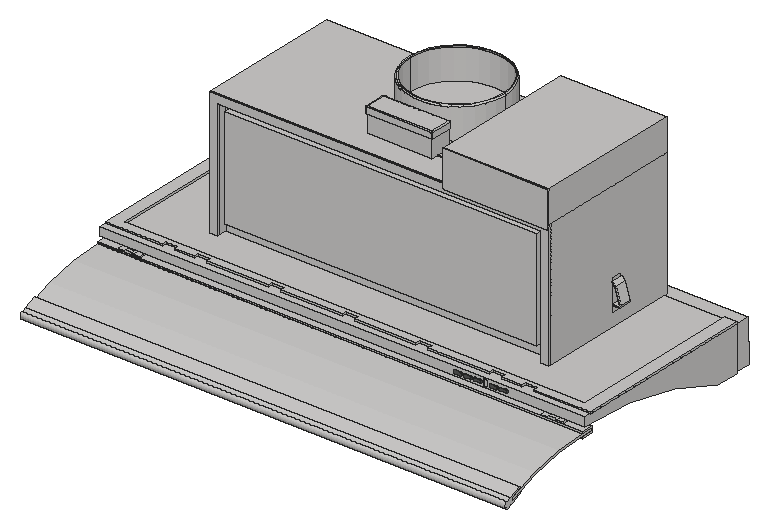
Revit family "P191568KX-100c_KXU2830Y", category Specialty Equipment, Revit 2026
Family settings
  Round Connector Dimension = Use Diameter
  Part Type = Normal
  Work Plane-Based = No
  Enable Cutting in Views = No
  Always vertical = Yes
  Cut with Voids When Loaded = No
  Maintain Annotation Orientation = No
  Shared = No
  Room Calculation Point = No
Parameters (values of type "KXU2830YSS")
  Width = 30"
  Voltage = 0 V
  URL = ""
  Model = "KXU2830YSS"
  Manufacturer = "Jenn Air"
  Knob Material = ARCAT - Metal - Steel - Black
  Installation-Fabrication = "http://access.whirlpool.com/mr/getMediaType.do?mediaType=Installation Instruction&sku=KXU2830YSS&language=EN\r\nhttp://access.whirlpool.com/mr/getMediaType.do?mediaType=Installation Instruction&sku=KXU2830YSS&language=FR"
  Height = 12 9/16"
  Feature 3 = "4-Speed Electronic Touch Control with LED Display\r\nCommande électronique à 4 vitesses avec affichage ACL"
  Feature 2 = "Flush to Cabinetry\r\nAffleurant au placard"
  Feature 1 = "65K BTU Threshold\r\nSeuil de 65 000 BTU"
  Family Name = "COOKING"
  Energy Guide = ""
  Drawn By = ""
  Dimension Guide = "http://access.whirlpool.com/mr/getMediaType.do?mediaType=Dimension Guide&sku=KXU2830YSS&language=EN\r\nhttp://access.whirlpool.com/mr/getMediaType.do?mediaType=Dimension Guide&sku=KXU2830YSS&language=EN"
  Description = "30'' Slide-Out 400 CFM\r\nHotte rétractable de 30 po, 400 pi cu/min"
  Depth = 18 7/8"
  Default Elevation = 0"
  Copyright = ""
  Body Material = ARCAT - Metal - Steel - Stainless
  Amps = 15 A
  Accent Material = ARCAT - Metal - Steel - Stainless
Reference planes (in)
  plane 1 "Center (Front/Back)": y = 0
  plane 2: z = 0
  plane 3 "Center (Left/Right)": x = 0
  plane 4: y = -18.875
  plane 5: z = 12.5625
  plane 6: x = 15
  plane 7: x = -15
  plane 8: through (0, -11.5983, 2.2232) normal (0, 0.2185, 0.9758)
Forms (in)
  Extrusion 1, solid, material "ARCAT - Metal - Steel - Stainless" <- "Body Material"
    sketch origin (15, 60, 48) x (0, 1, 0) y (0, 0, 1)
      loop
        line (-60.9375, -45.25) -> (-72.75, -45.25) -> (-72.75, -45.75)
        arc (-72.75, -45.75) -> (-67.47245, -46.31904) -> (-62.4375, -48) r 24.75781
        line (-62.4375, -48) -> (-60.9375, -48) -> (-60.9375, -45.25)
    from 0 to -30
  Extrusion 2, solid, material "ARCAT - Metal - Steel - Stainless" <- "Body Material"
    sketch origin (0, 0, 0) x (1, 0, 0) y (0, 0, 1)
      loop
        line (-14.94141, 2.69141) -> (-14.94141, 0.05859) -> (14.94141, 0.05859) -> (14.94141, 2.69141) -> (-14.94141, 2.69141)
    from 0 to 0.9375
  Extrusion 3, solid, material "ARCAT - Metal - Steel - Stainless" <- "Body Material"
    sketch origin (15, -0.9375, 2.75) x (0, -1, 0) y (1, 0, 0)
      loop
        line (0, 0) -> (0, -0.75) -> (10.8125, -0.75) -> (10.8125, -29.25) -> (0, -29.25) -> (0, -30) -> (11.3125, -30) -> (11.3125, -26.5) -> (11.0625, -26.5) -> (11.0625, -25.75) -> (11.3125, -25.75) -> (11.3125, -24.5) -> (11.0625, -24.5) -> (11.0625, -23.75) -> (11.3125, -23.75) -> (11.3125, -19.9375) -> (11.0625, -19.9375) -> (11.0625, -19.1875) -> (11.3125, -19.1875) -> (11.3125, -15.375) -> (11.0625, -15.375) -> (11.0625, -14.625) -> (11.3125, -14.625) -> (11.3125, -10.8125) -> (11.0625, -10.8125) -> (11.0625, -10.0625) -> (11.3125, -10.0625) -> (11.3125, -6.25) -> (11.0625, -6.25) -> (11.0625, -5.5) -> (11.3125, -5.5) -> (11.3125, -4.25) -> (11.0625, -4.25) -> (11.0625, -3.5) -> (11.3125, -3.5) -> (11.3125, 0) -> (0, 0)
    from 0 to 0.10156
  Extrusion 4, solid, material "ARCAT - Metal - Steel - Stainless" <- "Body Material"
    sketch origin (10.5, 60, 48) x (0, 1, 0) y (0, 0, 1)
      loop
        line (-60.9375, -45.25) -> (-60.9375, -45.30859) -> (-60.8625, -45.30859) -> (-60.8625, -45.25) -> (-60.7875, -45.25) -> (-60.7875, -37.4375) -> (-69.25, -37.4375) -> (-69.25, -45.25) -> (-60.9375, -45.25)
    from 0 to -21
  Extrusion 5, solid, material "ARCAT - Metal - Steel - Stainless" <- "Body Material"
    sketch origin (10.5, -9.25, 2.85156) x (0, 0, -1) y (1, 0, 0)
      loop
        line (0.10156, 0) -> (-7.71094, 0) -> (-7.71094, -21) -> (0.10156, -21) -> (0.10156, -20.5) -> (-7.21094, -20.5) -> (-7.21094, -0.5) -> (0.10156, -0.5) -> (0.10156, 0)
    from 0 to 0.5
  Extrusion 6, solid, material "ARCAT - Metal - Steel - Stainless" <- "Body Material"
    sketch origin (10.5, -9.75, 2.85156) x (0, 0, -1) y (1, 0, 0)
      loop
        line (0.10156, 0) -> (-7.71094, 0) -> (-7.71094, -21) -> (0.10156, -21) -> (0.10156, -20.5) -> (-7.21094, -20.5) -> (-7.21094, -0.5) -> (0.10156, -0.5) -> (0.10156, 0)
    from 0 to 0.10156
  Extrusion 7, solid, material "ARCAT - Metal - Steel - Stainless" <- "Body Material"
    sketch origin (10.5, -9.25, 2.85156) x (0, 0, -1) y (1, 0, 0)
      loop
        line (-6.86094, -20.15) -> (-0.64844, -20.15) -> (-0.64844, -0.85) -> (-6.86094, -0.85) -> (-6.86094, -20.15)
    from 0 to 0.5
  Extrusion 8, solid, material "ARCAT - Metal - Steel - Stainless" <- "Body Material"
    sketch origin (10.5, -9.25, 2.85156) x (0, 0, -1) y (1, 0, 0)
      loop
        line (-6.86094, -20.15) -> (-6.86094, -20.5) -> (-0.64844, -20.5) -> (-0.64844, -20.15) -> (-6.86094, -20.15)
    from 0 to 0.05078
  Extrusion 9, solid, material "ARCAT - Metal - Steel - Stainless" <- "Body Material"
    sketch origin (3.55469, -9.25, -10.4375) x (1, 0, 0) y (0, 0, 1)
      loop
        line (-13.20469, 20.15) -> (5.34531, 20.15) -> (5.34531, 20.5) -> (-13.20469, 20.5) -> (-13.20469, 20.15)
    from 0 to 0.05078
  Extrusion 10, solid, material "ARCAT - Metal - Steel - Stainless" <- "Body Material"
    sketch origin (-10.5, -9.25, 2.85156) x (0, 0, -1) y (1, 0, 0)
      loop
        line (-6.86094, 20.15) -> (-0.64844, 20.15) -> (-0.64844, 20.5) -> (-6.86094, 20.5) -> (-6.86094, 20.15)
    from 0 to 0.05078
  Extrusion 11, solid, material "ARCAT - Metal - Steel - Stainless" <- "Body Material"
    sketch origin (10.5, -12.50316, 10.5625) x (0, 1, 0) y (-1, 0, 0)
      loop
        line (11.71566, 0) -> (11.71566, 6.5) -> (2.6516, 6.5) -> (2.6516, 0) -> (11.71566, 0)
    from 0 to 2
  Extrusion 12, solid, material "ARCAT - Metal - Steel - Stainless" <- "Body Material"
    sketch origin (10.5, -9.85156, 2.85156) x (0, 0, -1) y (1, 0, 0)
      loop
        line (-9.71094, -6.5) -> (-7.56094, -6.5)
        arc (-7.56094, -6.5) -> (-7.49023, -6.47071) -> (-7.46094, -6.4) r 0.1
        line (-7.46094, -6.4) -> (-7.46094, -0.10156)
        arc (-7.46094, -0.10156) -> (-7.49068, -0.02975) -> (-7.5625, 0) r 0.10156
        line (-7.5625, 0) -> (-9.71094, 0) -> (-9.71094, -6.5)
    from 0 to 0.07422
  Revolve 13, solid, material "ARCAT - Metal - Steel - Stainless" <- "Body Material"
    sketch origin (-10.5, -3.85156, 48) x (-1, 0, 0) y (0, 0, 1)
      loop
        line (-13.5, -37.4375) -> (-13.45, -37.4375) -> (-13.45, -35.55402) -> (-13.38273, -35.4375) -> (-13.44136, -35.4375) -> (-13.5, -35.53906) -> (-13.5, -37.4375)
      axis (-10.5, -37.4375) -> (-10.5, -35.4375)
    angle from 0 to 360
  Extrusion 14, solid, material "ARCAT - Metal - Steel - Stainless" <- "Body Material"
    sketch origin (10.5, -12.50316, 10.5625) x (0, 1, 0) y (-1, 0, 0)
      loop
        line (5.48419, 12.5) -> (4.23419, 12.5) -> (4.23419, 8.5) -> (5.48419, 8.5) -> (5.48419, 12.5)
    from 0 to 1.5
  Extrusion 15, solid, material "ARCAT - Metal - Steel - Stainless" <- "Body Material"
    sketch origin (10.5, -12.50316, 12.0625) x (0, 1, 0) y (-1, 0, 0)
      loop
        line (5.49591, 12.51172) -> (4.22247, 12.51172) -> (4.22247, 8.48828) -> (5.49591, 8.48828) -> (5.49591, 12.51172)
    from 0 to 0.03125
  Extrusion 16, solid, material "ARCAT - Metal - Steel - Stainless" <- "Body Material"
    sketch origin (-2.01172, -8.28069, 12.0625) x (1, 0, 0) y (0, 0, 1)
      loop
        arc (4.02344, 0) -> (4.04553, -0.00915) -> (4.05469, -0.03125) r 0.03125
        line (4.05469, -0.03125) -> (4.05469, -0.4) -> (4.08594, -0.4) -> (4.08594, -0.03125)
        arc (4.08594, -0.03125) -> (4.06763, 0.01294) -> (4.02344, 0.03125) r 0.0625
        line (4.02344, 0.03125) -> (4.02344, 0)
    from 0 to -1.27344
  Extrusion 17, solid, material "ARCAT - Metal - Steel - Stainless" <- "Body Material"
    sketch origin (2.01172, -8.28069, 12.0625) x (-1, 0, 0) y (0, 0, -1)
      loop
        line (4.02344, 0) -> (4.02344, -0.03125)
        arc (4.02344, -0.03125) -> (4.06763, -0.01294) -> (4.08594, 0.03125) r 0.0625
        line (4.08594, 0.03125) -> (4.08594, 0.4) -> (4.05469, 0.4) -> (4.05469, 0.03125)
        arc (4.05469, 0.03125) -> (4.04553, 0.00915) -> (4.02344, 0) r 0.03125
    from 0 to -1.27344
  Extrusion 18, solid, material "ARCAT - Metal - Steel - Stainless" <- "Body Material"
    sketch origin (-0.63672, -4.25725, 12.0625) x (0, -1, 0) y (0, 0, 1)
      loop
        arc (4.02344, 0) -> (4.04553, -0.00915) -> (4.05469, -0.03125) r 0.03125
        line (4.05469, -0.03125) -> (4.05469, -0.4) -> (4.08594, -0.4) -> (4.08594, -0.03125)
        arc (4.08594, -0.03125) -> (4.06763, 0.01294) -> (4.02344, 0.03125) r 0.0625
        line (4.02344, 0.03125) -> (4.02344, 0)
    from 1.375 to -2.64844
  Extrusion 19, solid, material "ARCAT - Metal - Steel - Stainless" <- "Body Material"
    sketch origin (-0.63672, -11.03069, 12.0625) x (0, 1, 0) y (0, 0, -1)
      loop
        line (4.02344, 0) -> (4.02344, -0.03125)
        arc (4.02344, -0.03125) -> (4.06763, -0.01294) -> (4.08594, 0.03125) r 0.0625
        line (4.08594, 0.03125) -> (4.08594, 0.4) -> (4.05469, 0.4) -> (4.05469, 0.03125)
        arc (4.05469, 0.03125) -> (4.04553, 0.00915) -> (4.02344, 0) r 0.03125
    from 1.375 to -2.64844
  Extrusion 20, void
    sketch origin (12.75, 60, 48) x (0, -1, 0) y (0, 0, 1)
      loop
        arc (71.25, -45.72504) -> (67.92476, -46.15308) -> (64.6875, -47.02523) r 24.82813
        line (64.6875, -47.02523) -> (64.6875, -47.17809)
        arc (64.6875, -47.17809) -> (67.92421, -46.30055) -> (71.25, -45.86984) r 24.68359
        line (71.25, -45.86984) -> (71.25, -45.72504)
    from 0 to 0.35156
  Extrusion 21, void
    sketch origin (11.75, 60, 48) x (0, -1, 0) y (0, 0, 1)
      loop
        arc (71.25, -45.772) -> (67.92458, -46.20091) -> (64.6875, -47.07479) r 24.78125
        line (64.6875, -47.07479) -> (64.6875, -47.17809)
        arc (64.6875, -47.17809) -> (67.92421, -46.30055) -> (71.25, -45.86984) r 24.68359
        line (71.25, -45.86984) -> (71.25, -45.772)
    from 0 to 23.5
  Extrusion 22, void
    sketch origin (-12.75, 60, 48) x (0, -1, 0) y (0, 0, -1)
      loop
        line (71.25, 45.72504) -> (71.25, 45.86984)
        arc (71.25, 45.86984) -> (67.92421, 46.30055) -> (64.6875, 47.17809) r 24.68359
        line (64.6875, 47.17809) -> (64.6875, 47.02523)
        arc (64.6875, 47.02523) -> (67.92476, 46.15308) -> (71.25, 45.72504) r 24.82813
    from 0 to 0.35156
  Extrusion 23, void
    sketch origin (0, -11.5983, 2.2232) x (0, 0.975847, -0.218455) y (1, 0, 0)
      loop
        circle (0.6958, -11.28201) r 0.25
      loop
        circle (1.4458, -11.28201) r 0.25
      loop
        circle (2.1958, -11.28201) r 0.25
      loop
        circle (2.9458, -11.28201) r 0.25
      loop
        circle (3.6958, -11.28201) r 0.25
      loop
        circle (4.4458, -11.28201) r 0.25
      loop
        circle (5.1958, -11.28201) r 0.25
      loop
        circle (5.9458, -11.28201) r 0.25
      loop
        circle (6.60205, -11.28201) r 0.25
      loop
        circle (0.6958, -9.78201) r 0.25
      loop
        circle (1.4458, -9.78201) r 0.25
      loop
        circle (2.1958, -9.78201) r 0.25
      loop
        circle (2.9458, -9.78201) r 0.25
      loop
        circle (3.6958, -9.78201) r 0.25
      loop
        circle (4.4458, -9.78201) r 0.25
      loop
        circle (5.1958, -9.78201) r 0.25
      loop
        circle (5.9458, -9.78201) r 0.25
      loop
        circle (6.60205, -9.78201) r 0.25
      loop
        circle (0.6958, -8.28201) r 0.25
      loop
        circle (1.4458, -8.28201) r 0.25
      loop
        circle (2.1958, -8.28201) r 0.25
      loop
        circle (2.9458, -8.28201) r 0.25
      loop
        circle (3.6958, -8.28201) r 0.25
      loop
        circle (4.4458, -8.28201) r 0.25
      loop
        circle (5.1958, -8.28201) r 0.25
      loop
        circle (5.9458, -8.28201) r 0.25
      loop
        circle (6.60205, -8.28201) r 0.25
      loop
        circle (0.6958, -6.78201) r 0.25
      loop
        circle (1.4458, -6.78201) r 0.25
      loop
        circle (2.1958, -6.78201) r 0.25
      loop
        circle (2.9458, -6.78201) r 0.25
      loop
        circle (3.6958, -6.78201) r 0.25
      loop
        circle (4.4458, -6.78201) r 0.25
      loop
        circle (5.1958, -6.78201) r 0.25
      loop
        circle (5.9458, -6.78201) r 0.25
      loop
        circle (6.60205, -6.78201) r 0.25
      loop
        circle (0.6958, -5.28201) r 0.25
      loop
        circle (1.4458, -5.28201) r 0.25
      loop
        circle (2.1958, -5.28201) r 0.25
      loop
        circle (2.9458, -5.28201) r 0.25
      loop
        circle (3.6958, -5.28201) r 0.25
      loop
        circle (4.4458, -5.28201) r 0.25
      loop
        circle (5.1958, -5.28201) r 0.25
      loop
        circle (5.9458, -5.28201) r 0.25
      loop
        circle (6.60205, -5.28201) r 0.25
      loop
        circle (0.6958, -3.78201) r 0.25
      loop
        circle (1.4458, -3.78201) r 0.25
      loop
        circle (2.1958, -3.78201) r 0.25
      loop
        circle (2.9458, -3.78201) r 0.25
      loop
        circle (3.6958, -3.78201) r 0.25
      loop
        circle (4.4458, -3.78201) r 0.25
      loop
        circle (5.1958, -3.78201) r 0.25
      loop
        circle (5.9458, -3.78201) r 0.25
      loop
        circle (6.60205, -3.78201) r 0.25
      loop
        circle (0.6958, -2.28201) r 0.25
      loop
        circle (1.4458, -2.28201) r 0.25
      loop
        circle (2.1958, -2.28201) r 0.25
      loop
        circle (2.9458, -2.28201) r 0.25
      loop
        circle (3.6958, -2.28201) r 0.25
      loop
        circle (4.4458, -2.28201) r 0.25
      loop
        circle (5.1958, -2.28201) r 0.25
      loop
        circle (5.9458, -2.28201) r 0.25
      loop
        circle (6.60205, -2.28201) r 0.25
      loop
        circle (2.9458, -0.78201) r 0.25
      loop
        circle (3.6958, -0.78201) r 0.25
      loop
        circle (4.4458, -0.78201) r 0.25
      loop
        circle (5.1958, -0.78201) r 0.25
      loop
        circle (5.9458, -0.78201) r 0.25
      loop
        circle (6.60205, -0.78201) r 0.25
      loop
        circle (2.9458, 0.71799) r 0.25
      loop
        circle (3.6958, 0.71799) r 0.25
      loop
        circle (4.4458, 0.71799) r 0.25
      loop
        circle (5.1958, 0.71799) r 0.25
      loop
        circle (5.9458, 0.71799) r 0.25
      loop
        circle (6.60205, 0.71799) r 0.25
      loop
        circle (0.6958, 2.21799) r 0.25
      loop
        circle (1.4458, 2.21799) r 0.25
      loop
        circle (2.1958, 2.21799) r 0.25
      loop
        circle (2.9458, 2.21799) r 0.25
      loop
        circle (3.6958, 2.21799) r 0.25
      loop
        circle (4.4458, 2.21799) r 0.25
      loop
        circle (5.1958, 2.21799) r 0.25
      loop
        circle (5.9458, 2.21799) r 0.25
      loop
        circle (6.60205, 2.21799) r 0.25
      loop
        circle (0.6958, 3.71799) r 0.25
      loop
        circle (1.4458, 3.71799) r 0.25
      loop
        circle (2.1958, 3.71799) r 0.25
      loop
        circle (2.9458, 3.71799) r 0.25
      loop
        circle (3.6958, 3.71799) r 0.25
      loop
        circle (4.4458, 3.71799) r 0.25
      loop
        circle (5.1958, 3.71799) r 0.25
      loop
        circle (5.9458, 3.71799) r 0.25
      loop
        circle (6.60205, 3.71799) r 0.25
      loop
        circle (0.6958, 5.21799) r 0.25
      loop
        circle (1.4458, 5.21799) r 0.25
      loop
        circle (2.1958, 5.21799) r 0.25
      loop
        circle (2.9458, 5.21799) r 0.25
      loop
        circle (3.6958, 5.21799) r 0.25
      loop
        circle (4.4458, 5.21799) r 0.25
      loop
        circle (5.1958, 5.21799) r 0.25
      loop
        circle (5.9458, 5.21799) r 0.25
      loop
        circle (6.60205, 5.21799) r 0.25
      loop
        circle (0.6958, 6.71799) r 0.25
      loop
        circle (1.4458, 6.71799) r 0.25
      loop
        circle (2.1958, 6.71799) r 0.25
      loop
        circle (2.9458, 6.71799) r 0.25
      loop
        circle (3.6958, 6.71799) r 0.25
      loop
        circle (4.4458, 6.71799) r 0.25
      loop
        circle (5.1958, 6.71799) r 0.25
      loop
        circle (5.9458, 6.71799) r 0.25
      loop
        circle (6.60205, 6.71799) r 0.25
      loop
        circle (0.6958, 8.21799) r 0.25
      loop
        circle (1.4458, 8.21799) r 0.25
      loop
        circle (2.1958, 8.21799) r 0.25
      loop
        circle (2.9458, 8.21799) r 0.25
      loop
        circle (3.6958, 8.21799) r 0.25
      loop
        circle (4.4458, 8.21799) r 0.25
      loop
        circle (5.1958, 8.21799) r 0.25
      loop
        circle (5.9458, 8.21799) r 0.25
      loop
        circle (6.60205, 8.21799) r 0.25
      loop
        circle (0.6958, 9.71799) r 0.25
      loop
        circle (1.4458, 9.71799) r 0.25
      loop
        circle (2.1958, 9.71799) r 0.25
      loop
        circle (2.9458, 9.71799) r 0.25
      loop
        circle (3.6958, 9.71799) r 0.25
      loop
        circle (4.4458, 9.71799) r 0.25
      loop
        circle (5.1958, 9.71799) r 0.25
      loop
        circle (5.9458, 9.71799) r 0.25
      loop
        circle (6.60205, 9.71799) r 0.25
      loop
        circle (0.6958, 11.21799) r 0.25
      loop
        circle (1.4458, 11.21799) r 0.25
      loop
        circle (2.1958, 11.21799) r 0.25
      loop
        circle (2.9458, 11.21799) r 0.25
      loop
        circle (3.6958, 11.21799) r 0.25
      loop
        circle (4.4458, 11.21799) r 0.25
      loop
        circle (5.1958, 11.21799) r 0.25
      loop
        circle (5.9458, 11.21799) r 0.25
      loop
        circle (6.60205, 11.21799) r 0.25
      loop
        circle (1.0708, -10.53201) r 0.25
      loop
        circle (1.8208, -10.53201) r 0.25
      loop
        circle (2.5708, -10.53201) r 0.25
      loop
        circle (3.3208, -10.53201) r 0.25
      loop
        circle (4.0708, -10.53201) r 0.25
      loop
        circle (4.8208, -10.53201) r 0.25
      loop
        circle (5.5708, -10.53201) r 0.25
      loop
        circle (6.3208, -10.53201) r 0.25
      loop
        circle (1.0708, -9.03201) r 0.25
      loop
        circle (1.8208, -9.03201) r 0.25
      loop
        circle (2.5708, -9.03201) r 0.25
      loop
        circle (3.3208, -9.03201) r 0.25
      loop
        circle (4.0708, -9.03201) r 0.25
      loop
        circle (4.8208, -9.03201) r 0.25
      loop
        circle (5.5708, -9.03201) r 0.25
      loop
        circle (6.3208, -9.03201) r 0.25
      loop
        circle (1.0708, -7.53201) r 0.25
      loop
        circle (1.8208, -7.53201) r 0.25
      loop
        circle (2.5708, -7.53201) r 0.25
      loop
        circle (3.3208, -7.53201) r 0.25
      loop
        circle (4.0708, -7.53201) r 0.25
      loop
        circle (4.8208, -7.53201) r 0.25
      loop
        circle (5.5708, -7.53201) r 0.25
      loop
        circle (6.3208, -7.53201) r 0.25
      loop
        circle (1.0708, -6.03201) r 0.25
      loop
        circle (1.8208, -6.03201) r 0.25
      loop
        circle (2.5708, -6.03201) r 0.25
      loop
        circle (3.3208, -6.03201) r 0.25
      loop
        circle (4.0708, -6.03201) r 0.25
      loop
        circle (4.8208, -6.03201) r 0.25
      loop
        circle (5.5708, -6.03201) r 0.25
      loop
        circle (6.3208, -6.03201) r 0.25
      loop
        circle (1.0708, -4.53201) r 0.25
      loop
        circle (1.8208, -4.53201) r 0.25
      loop
        circle (2.5708, -4.53201) r 0.25
      loop
        circle (3.3208, -4.53201) r 0.25
      loop
        circle (4.0708, -4.53201) r 0.25
      loop
        circle (4.8208, -4.53201) r 0.25
      loop
        circle (5.5708, -4.53201) r 0.25
      loop
        circle (6.3208, -4.53201) r 0.25
      loop
        circle (1.0708, -3.03201) r 0.25
      loop
        circle (1.8208, -3.03201) r 0.25
      loop
        circle (2.5708, -3.03201) r 0.25
      loop
        circle (3.3208, -3.03201) r 0.25
      loop
        circle (4.0708, -3.03201) r 0.25
      loop
        circle (4.8208, -3.03201) r 0.25
      loop
        circle (5.5708, -3.03201) r 0.25
      loop
        circle (6.3208, -3.03201) r 0.25
      loop
        circle (1.0708, -1.53201) r 0.25
      loop
        circle (1.8208, -1.53201) r 0.25
      loop
        circle (2.5708, -1.53201) r 0.25
      loop
        circle (3.3208, -1.53201) r 0.25
      loop
        circle (4.0708, -1.53201) r 0.25
      loop
        circle (4.8208, -1.53201) r 0.25
      loop
        circle (5.5708, -1.53201) r 0.25
      loop
        circle (6.3208, -1.53201) r 0.25
      loop
        circle (2.97705, -0.03201) r 0.25
      loop
        circle (3.78955, -0.03201) r 0.25
      loop
        circle (4.5708, -0.03201) r 0.25
      loop
        circle (5.5083, -0.03201) r 0.25
      loop
        circle (6.3208, -0.03201) r 0.25
      loop
        circle (1.0708, 1.46799) r 0.25
      loop
        circle (1.8208, 1.46799) r 0.25
      loop
        circle (2.5708, 1.46799) r 0.25
      loop
        circle (3.3208, 1.46799) r 0.25
      loop
        circle (4.0708, 1.46799) r 0.25
      loop
        circle (4.8208, 1.46799) r 0.25
      loop
        circle (5.5708, 1.46799) r 0.25
      loop
        circle (6.3208, 1.46799) r 0.25
      loop
        circle (1.0708, 2.96799) r 0.25
      loop
        circle (1.8208, 2.96799) r 0.25
      loop
        circle (2.5708, 2.96799) r 0.25
      loop
        circle (3.3208, 2.96799) r 0.25
      loop
        circle (4.0708, 2.96799) r 0.25
      loop
        circle (4.8208, 2.96799) r 0.25
      loop
        circle (5.5708, 2.96799) r 0.25
      loop
        circle (6.3208, 2.96799) r 0.25
      loop
        circle (1.0708, 4.46799) r 0.25
      loop
        circle (1.8208, 4.46799) r 0.25
      loop
        circle (2.5708, 4.46799) r 0.25
      loop
        circle (3.3208, 4.46799) r 0.25
      loop
        circle (4.0708, 4.46799) r 0.25
      loop
        circle (4.8208, 4.46799) r 0.25
      loop
        circle (5.5708, 4.46799) r 0.25
      loop
        circle (6.3208, 4.46799) r 0.25
      loop
        circle (1.0708, 5.96799) r 0.25
      loop
        circle (1.8208, 5.96799) r 0.25
      loop
        circle (2.5708, 5.96799) r 0.25
      loop
        circle (3.3208, 5.96799) r 0.25
      loop
        circle (4.0708, 5.96799) r 0.25
      loop
        circle (4.8208, 5.96799) r 0.25
      loop
        circle (5.5708, 5.96799) r 0.25
      loop
        circle (6.3208, 5.96799) r 0.25
      loop
        circle (1.0708, 7.46799) r 0.25
      loop
        circle (1.8208, 7.46799) r 0.25
      loop
        circle (2.5708, 7.46799) r 0.25
      loop
        circle (3.3208, 7.46799) r 0.25
      loop
        circle (4.0708, 7.46799) r 0.25
      loop
        circle (4.8208, 7.46799) r 0.25
      loop
        circle (5.5708, 7.46799) r 0.25
      loop
        circle (6.3208, 7.46799) r 0.25
      loop
        circle (1.0708, 8.96799) r 0.25
      loop
        circle (1.8208, 8.96799) r 0.25
      loop
        circle (2.5708, 8.96799) r 0.25
      loop
        circle (3.3208, 8.96799) r 0.25
      loop
        circle (4.0708, 8.96799) r 0.25
      loop
        circle (4.8208, 8.96799) r 0.25
      loop
        circle (5.5708, 8.96799) r 0.25
      loop
        circle (6.3208, 8.96799) r 0.25
      loop
        circle (1.0708, 10.46799) r 0.25
      loop
        circle (1.8208, 10.46799) r 0.25
      loop
        circle (2.5708, 10.46799) r 0.25
      loop
        circle (3.3208, 10.46799) r 0.25
      loop
        circle (4.0708, 10.46799) r 0.25
      loop
        circle (4.8208, 10.46799) r 0.25
      loop
        circle (5.5708, 10.46799) r 0.25
      loop
        circle (6.3208, 10.46799) r 0.25
    from 0 to -0.5
  Extrusion 24, solid, material "ARCAT - Metal - Steel - Stainless" <- "Body Material"
    sketch origin (15, 60.1, 47.85) x (0, 1, 0) y (0, 0, 1)
      loop
        line (-72.25, -45.85213) -> (-73, -45.85213) -> (-73, -45.92713) -> (-72.325, -45.92713) -> (-72.325, -46.12713) -> (-73, -46.12713) -> (-73, -46.20213) -> (-72.25, -46.20213) -> (-72.25, -45.85213)
    from 0 to -30
  Extrusion 25, solid, material "ARCAT - Metal - Steel - Stainless" <- "Body Material"
    sketch origin (15, 60.1, 47.85) x (0, 1, 0) y (0, 0, 1)
      loop
        line (-78.44565, -47.14051) -> (-78.40046, -47.24872)
        arc (-78.40046, -47.24872) -> (-75.76004, -46.36123) -> (-72.99072, -46.06074) r 12.91129
        line (-72.99072, -46.06074) -> (-72.32519, -46.06074) -> (-72.32519, -45.94356) -> (-72.99072, -45.94356)
        arc (-72.99072, -45.94356) -> (-75.78308, -46.24631) -> (-78.44565, -47.14051) r 13.02848
    from 0 to -30
  Extrusion 26, solid, material "ARCAT - Metal - Steel - Stainless" <- "Body Material"
    sketch origin (15, -102.69938, 15.29676) x (0, -0.922754, -0.38539) y (0, 0.38539, -0.922754)
      loop
        arc (-72.14092, 45.85664) -> (-72.01592, 45.88079) -> (-71.89092, 45.85664) r 0.33559
        arc (-71.89092, 45.85664) -> (-71.63211, 46.03164) -> (-71.89092, 46.20664) r 0.18857
        arc (-71.89092, 46.20664) -> (-72.01592, 46.1825) -> (-72.14092, 46.20664) r 0.33559
        line (-72.14092, 46.20664) -> (-72.89092, 46.20664) -> (-72.89092, 46.13164) -> (-72.21592, 46.13164) -> (-72.21592, 45.93164) -> (-72.89092, 45.93164) -> (-72.89092, 45.85664) -> (-72.14092, 45.85664)
    from 0 to -30
  Extrusion 27, solid, material "ARCAT - Metal - Steel - Stainless" <- "Body Material"
    sketch origin (15, -12.15, 1.64787) x (-1, 0, 0) y (0, 1, 0)
      loop
        line (2.52656, -0.02344) -> (1.32422, -0.02344)
        arc (1.32422, -0.02344) -> (1.28831, -0.03831) -> (1.27344, -0.07422) r 0.05078
        line (1.27344, -0.07422) -> (1.27344, -0.67578)
        arc (1.27344, -0.67578) -> (1.28831, -0.71169) -> (1.32422, -0.72656) r 0.05078
        line (1.32422, -0.72656) -> (2.52578, -0.72656)
        arc (2.52578, -0.72656) -> (2.56169, -0.71169) -> (2.57656, -0.67578) r 0.05078
        line (2.57656, -0.67578) -> (2.57656, -0.07344)
        arc (2.57656, -0.07344) -> (2.56192, -0.03808) -> (2.52656, -0.02344) r 0.05
    from 0 to 0.07422
  Extrusion 28, solid, material "ARCAT - Metal - Steel - Stainless" <- "Body Material"
    sketch origin (12.47344, -12.17344, 1.64787) x (1, 0, 0) y (0, 0, -1)
      loop
        line (0.35234, 0.07422) -> (0.85078, 0.07422) -> (0.77656, 0.14844) -> (0.42656, 0.14844) -> (0.35234, 0.07422)
    from -0.70312 to 0
  Extrusion 29, solid, material "ARCAT - Metal - Steel - Stainless" <- "Body Material"
    sketch origin (15, -12.15, 1.99787) x (0, -1, 0) y (1, 0, 0)
      loop
        arc (0.02344, -2.52656) -> (0.03808, -2.56192) -> (0.07344, -2.57656) r 0.05
        line (0.07344, -2.57656) -> (0.67578, -2.57656)
        arc (0.67578, -2.57656) -> (0.71169, -2.56169) -> (0.72656, -2.52578) r 0.05078
        line (0.72656, -2.52578) -> (0.72656, -1.32422)
        arc (0.72656, -1.32422) -> (0.71169, -1.28831) -> (0.67578, -1.27344) r 0.05078
        line (0.67578, -1.27344) -> (0.07422, -1.27344)
        arc (0.07422, -1.27344) -> (0.03831, -1.28831) -> (0.02344, -1.32422) r 0.05078
        line (0.02344, -1.32422) -> (0.02344, -2.52656)
    from 0 to 0.07422
  Extrusion 30, solid, material "ARCAT - Metal - Steel - Stainless" <- "Body Material"
    sketch origin (12.4, -12.17344, 1.99787) x (1, 0, 0) y (0, 0, -1)
      loop
        line (0.42578, -0.07422) -> (0.5, -0.14844) -> (0.85, -0.14844) -> (0.92422, -0.07422) -> (0.42578, -0.07422)
    from -0.70312 to 0
  Extrusion 31, solid, material "ARCAT - Metal - Steel - Stainless" <- "Body Material"
    sketch origin (13.25, -12.17344, 1.49943) x (0, 1, 0) y (1, 0, 0)
      loop
        circle (-0.35156, -0.175) r 0.1
    from 0 to -0.7503
  Extrusion 32, void
    sketch origin (13.25, -12.17344, 1.49943) x (1, 0, 0) y (0, 1, 0)
      loop
        circle (-0.175, -0.35156) r 0.115
    from 0 to 0.64688
  Extrusion 33, solid, material "ARCAT - Metal - Steel - Stainless" <- "Body Material"
    sketch origin (-15, -12.15, 1.64787) x (-1, 0, 0) y (0, 1, 0)
      loop
        arc (-2.52656, -0.02344) -> (-2.56192, -0.03808) -> (-2.57656, -0.07344) r 0.05
        line (-2.57656, -0.07344) -> (-2.57656, -0.67578)
        arc (-2.57656, -0.67578) -> (-2.56169, -0.71169) -> (-2.52578, -0.72656) r 0.05078
        line (-2.52578, -0.72656) -> (-1.32422, -0.72656)
        arc (-1.32422, -0.72656) -> (-1.28831, -0.71169) -> (-1.27344, -0.67578) r 0.05078
        line (-1.27344, -0.67578) -> (-1.27344, -0.07422)
        arc (-1.27344, -0.07422) -> (-1.28831, -0.03831) -> (-1.32422, -0.02344) r 0.05078
        line (-1.32422, -0.02344) -> (-2.52656, -0.02344)
    from 0 to 0.07422
  Extrusion 34, solid, material "ARCAT - Metal - Steel - Stainless" <- "Body Material"
    sketch origin (-12.47344, -12.17344, 1.64787) x (-1, 0, 0) y (0, 0, 1)
      loop
        line (0.35234, -0.07422) -> (0.42656, -0.14844) -> (0.77656, -0.14844) -> (0.85078, -0.07422) -> (0.35234, -0.07422)
    from -0.70312 to 0
  Extrusion 35, solid, material "ARCAT - Metal - Steel - Stainless" <- "Body Material"
    sketch origin (-15, -12.15, 1.99787) x (0, -1, 0) y (1, 0, 0)
      loop
        line (0.02344, 2.52656) -> (0.02344, 1.32422)
        arc (0.02344, 1.32422) -> (0.03831, 1.28831) -> (0.07422, 1.27344) r 0.05078
        line (0.07422, 1.27344) -> (0.67578, 1.27344)
        arc (0.67578, 1.27344) -> (0.71169, 1.28831) -> (0.72656, 1.32422) r 0.05078
        line (0.72656, 1.32422) -> (0.72656, 2.52578)
        arc (0.72656, 2.52578) -> (0.71169, 2.56169) -> (0.67578, 2.57656) r 0.05078
        line (0.67578, 2.57656) -> (0.07344, 2.57656)
        arc (0.07344, 2.57656) -> (0.03808, 2.56192) -> (0.02344, 2.52656) r 0.05
    from 0 to 0.07422
  Extrusion 36, solid, material "ARCAT - Metal - Steel - Stainless" <- "Body Material"
    sketch origin (-12.4, -12.17344, 1.99787) x (-1, 0, 0) y (0, 0, 1)
      loop
        line (0.42578, 0.07422) -> (0.92422, 0.07422) -> (0.85, 0.14844) -> (0.5, 0.14844) -> (0.42578, 0.07422)
    from -0.70312 to 0
  Extrusion 37, solid, material "ARCAT - Metal - Steel - Stainless" <- "Body Material"
    sketch origin (-13.25, -12.17344, 1.49943) x (0, -1, 0) y (-1, 0, 0)
      loop
        circle (0.35156, -0.175) r 0.1
    from 0 to -0.7503
  Extrusion 38, void
    sketch origin (-13.25, -12.17344, 1.49943) x (-1, 0, 0) y (0, -1, 0)
      loop
        circle (-0.175, 0.35156) r 0.115
    from 0 to 0.64688
  Extrusion 39, solid, material "ARCAT - Metal - Steel - Black" <- "Knob Material"
    sketch origin (15, -12.75, 2.75) x (0, 0, -1) y (1, 0, 0)
      loop
        arc (0.15, -5.15) -> (0.25, -5.25) -> (0.35, -5.15) r 0.1
        line (0.35, -5.15) -> (0.35, -4.85)
        arc (0.35, -4.85) -> (0.25, -4.75) -> (0.15, -4.85) r 0.1
        line (0.15, -4.85) -> (0.15, -5.15)
    from 0 to 0.03516
  Extrusion 40, solid, material "ARCAT - Metal - Steel - Black" <- "Knob Material"
    sketch origin (14.4, -12.75, 2.75) x (0, 0, -1) y (1, 0, 0)
      loop
        arc (0.15, -5.15) -> (0.25, -5.25) -> (0.35, -5.15) r 0.1
        line (0.35, -5.15) -> (0.35, -4.85)
        arc (0.35, -4.85) -> (0.25, -4.75) -> (0.15, -4.85) r 0.1
        line (0.15, -4.85) -> (0.15, -5.15)
    from 0 to 0.03516
  Extrusion 41, solid, material "ARCAT - Metal - Steel - Black" <- "Knob Material"
    sketch origin (13.4, -12.75, 2.75) x (0, 0, -1) y (1, 0, 0)
      loop
        arc (0.15, -5.15) -> (0.25, -5.25) -> (0.35, -5.15) r 0.1
        line (0.35, -5.15) -> (0.35, -4.85)
        arc (0.35, -4.85) -> (0.25, -4.75) -> (0.15, -4.85) r 0.1
        line (0.15, -4.85) -> (0.15, -5.15)
    from 0 to 0.03516
  Extrusion 42, solid, material "ARCAT - Metal - Steel - Black" <- "Knob Material"
    sketch origin (12.8, -12.75, 2.75) x (0, 0, -1) y (1, 0, 0)
      loop
        arc (0.15, -5.15) -> (0.25, -5.25) -> (0.35, -5.15) r 0.1
        line (0.35, -5.15) -> (0.35, -4.85)
        arc (0.35, -4.85) -> (0.25, -4.75) -> (0.15, -4.85) r 0.1
        line (0.15, -4.85) -> (0.15, -5.15)
    from 0 to 0.03516
  Extrusion 43, solid, material "ARCAT - Metal - Steel - Black" <- "Knob Material"
    sketch origin (12.2, -12.75, 2.75) x (0, 0, -1) y (1, 0, 0)
      loop
        arc (0.15, -5.15) -> (0.25, -5.25) -> (0.35, -5.15) r 0.1
        line (0.35, -5.15) -> (0.35, -4.85)
        arc (0.35, -4.85) -> (0.25, -4.75) -> (0.15, -4.85) r 0.1
        line (0.15, -4.85) -> (0.15, -5.15)
    from 0 to 0.03516
  Extrusion 44, void
    sketch origin (15, -12.75, 2.75) x (0, 0, 1) y (1, 0, 0)
      loop
        line (-0.475, -6.225) -> (-0.025, -6.225) -> (-0.025, -5.975) -> (-0.475, -5.975) -> (-0.475, -6.225)
    from 0 to 0.01563
  Extrusion 45, solid, material "ARCAT - Metal - Steel - Stainless" <- "Body Material"
    sketch origin (6.05469, -7.39397, 10.59375) x (-1, 0, 0) y (0, 0, -1)
      loop
        line (4.05469, -0.03125) -> (4.05469, -0.125) -> (4.08594, -0.125) -> (4.08594, -0.03125)
        arc (4.08594, -0.03125) -> (4.06763, 0.01294) -> (4.02344, 0.03125) r 0.0625
        line (4.02344, 0.03125) -> (3.77344, 0.03125) -> (3.77344, 0) -> (4.02344, 0)
        arc (4.02344, 0) -> (4.04553, -0.00915) -> (4.05469, -0.03125) r 0.03125
    from 0 to 0.5
  Extrusion 46, solid, material "ARCAT - Metal - Steel - Stainless" <- "Body Material"
    sketch origin (-6.05469, -7.39397, 10.59375) x (1, 0, 0) y (0, 0, 1)
      loop
        arc (4.05469, 0.03125) -> (4.04553, 0.00915) -> (4.02344, 0) r 0.03125
        line (4.02344, 0) -> (3.77344, 0) -> (3.77344, -0.03125) -> (4.02344, -0.03125)
        arc (4.02344, -0.03125) -> (4.06763, -0.01294) -> (4.08594, 0.03125) r 0.0625
        line (4.08594, 0.03125) -> (4.08594, 0.125) -> (4.05469, 0.125) -> (4.05469, 0.03125)
    from 0 to 0.5
  Extrusion 47, void
    sketch origin (10.5, 60, 48) x (0, -1, 0) y (0, 0, 1)
      loop
        line (65.0375, -42.49852) -> (64.2875, -42.49852) -> (64.2875, -44.5) -> (65.0375, -44.5) -> (65.0375, -42.49852)
    from 0 to 0.01563
  Extrusion 48, solid, material "ARCAT - Metal - Steel - Stainless" <- "Body Material"
    sketch origin (10.5, -4.2875, 48) x (-1, 0, 0) y (0, 0, 1)
      loop
        line (0.01563, -44) -> (0.01563, -43.94922) -> (-0.46236, -43.94922)
        arc (-0.46236, -43.94922) -> (-0.50218, -43.92893) -> (-0.50917, -43.88479) r 0.04922
        line (-0.50917, -43.88479) -> (-0.20203, -42.93951) -> (0.01563, -42.72186) -> (-0.02028, -42.68595) -> (-0.24656, -42.91223) -> (-0.55747, -43.8691)
        arc (-0.55747, -43.8691) -> (-0.54326, -43.95878) -> (-0.46236, -44) r 0.1
        line (-0.46236, -44) -> (0.01563, -44)
    from 0 to -0.75
  Extrusion 49, void
    sketch origin (-10.5, 60, 48) x (0, -1, 0) y (0, 0, -1)
      loop
        line (65.0375, 42.49852) -> (65.0375, 44.5) -> (64.2875, 44.5) -> (64.2875, 42.49852) -> (65.0375, 42.49852)
    from 0 to 0.01563
  Extrusion 50, solid, material "ARCAT - Metal - Steel - Stainless" <- "Body Material"
    sketch origin (-10.5, -4.2875, 48) x (1, 0, 0) y (0, 0, -1)
      loop
        line (0.01563, 44) -> (-0.46236, 44)
        arc (-0.46236, 44) -> (-0.54326, 43.95878) -> (-0.55747, 43.8691) r 0.1
        line (-0.55747, 43.8691) -> (-0.24656, 42.91223) -> (-0.02028, 42.68595) -> (0.01563, 42.72186) -> (-0.20203, 42.93951) -> (-0.50917, 43.88479)
        arc (-0.50917, 43.88479) -> (-0.50218, 43.92893) -> (-0.46236, 43.94922) r 0.04922
        line (-0.46236, 43.94922) -> (0.01563, 43.94922) -> (0.01563, 44)
    from 0 to -0.75
  Extrusion 51, void
    sketch origin (22.22648, -19.60937, 1) x (0, 1, 0) y (1, 0, 0)
      loop
        circle (15.9375, -13.29839) r 0.78404
    from -0.28722 to 0.94001
  Extrusion 52, void
    sketch origin (-22.22648, -19.60937, 1) x (0, -1, 0) y (-1, 0, 0)
      loop
        circle (-15.9375, -13.29839) r 0.78404
    from -0.28722 to 0.94001
  Extrusion 53, solid, material "ARCAT - Metal - Steel - Stainless" <- "Body Material"
    sketch origin (0, 0, 0.48437) x (-1, 0, 0) y (0, 0, 1)
      loop
        circle (0, 0.05859) r 0.25
    from 0 to 0.03125
  Extrusion 54, void
    sketch origin (15, -18.875, 0) x (0, -1, 0) y (1, 0, 0)
      loop
        line (-7.725, -15.75) -> (-7.725, -14.25) -> (-9.625, -14.25) -> (-9.625, -15.75) -> (-7.725, -15.75)
    from 1.90644 to 2.32606
  Extrusion 55, solid, material "ARCAT - Metal - Steel - Stainless" <- "Body Material"
    sketch origin (15, 60, 48) x (0, 1, 0) y (0, 0, 1)
      loop
        line (-71.15, -45.34675) -> (-71.15, -45.77893)
        arc (-71.15, -45.77893) -> (-70.19492, -45.85703) -> (-69.24357, -45.97195) r 24.81254
        line (-69.24357, -45.97195) -> (-69.24357, -45.63239)
        arc (-69.24357, -45.63239) -> (-70.19401, -45.47102) -> (-71.15, -45.34675) r 24.78129
    from -15.75 to -14.25
  Extrusion 56, void
    sketch origin (0, 0, 0) x (0, 1, 0) y (1, 0, 0)
      loop
        line (-11.00156, -0.60156) -> (-9.39844, -0.60156) -> (-9.39844, 0.60156) -> (-11.00156, 0.60156) -> (-11.00156, -0.60156)
    from -2.32606 to -1.90644
  Revolve 57, solid, material "ARCAT - Metal - Steel - Stainless" <- "Accent Material"
    sketch origin (8.89616, 72.85001, 26.06333) x (0, 0.945519, -0.325568) y (0, 0.325568, 0.945519)
      loop
        line (-64.1239, -48.58596) -> (-64.8318, -48.58596) -> (-64.8318, -48.86882)
        arc (-64.8318, -48.86882) -> (-64.81955, -48.90975) -> (-64.78727, -48.93775) r 0.07655
        arc (-64.78727, -48.93775) -> (-64.78789, -48.96253) -> (-64.76653, -48.9751) r 0.02444
        line (-64.76653, -48.9751) -> (-64.1239, -48.9751) -> (-64.1239, -48.58596)
      axis (-64.1239, -48.58596) -> (-64.1239, -48.9751)
    angle from 0 to 360
  Revolve 58, solid, material "ARCAT - Metal - Steel - Stainless" <- "Accent Material"
    sketch origin (-8.89616, 72.85001, 26.06333) x (0, 0.945519, -0.325568) y (0, -0.325568, -0.945519)
      loop
        line (-64.1239, 48.58596) -> (-64.1239, 48.9751) -> (-64.76653, 48.9751)
        arc (-64.76653, 48.9751) -> (-64.78789, 48.96253) -> (-64.78727, 48.93775) r 0.02444
        arc (-64.78727, 48.93775) -> (-64.81955, 48.90975) -> (-64.8318, 48.86882) r 0.07655
        line (-64.8318, 48.86882) -> (-64.8318, 48.58596) -> (-64.1239, 48.58596)
      axis (-64.1239, 48.58596) -> (-64.1239, 48.9751)
    angle from 0 to 360
Cuts and joins
  Extrusion 47, Extrusion 49 cuts Extrusion 4
  Extrusion 47, Extrusion 49 cuts Extrusion 5
  joined: Extrusion 4, Extrusion 5
  joined: Extrusion 15, Extrusion 16, Extrusion 17, Extrusion 18, Extrusion 19
  Extrusion 20, Extrusion 21, Extrusion 22, Extrusion 23, Extrusion 44, Extrusion 51, Extrusion 52, Extrusion 54, Extrusion 56 cuts Extrusion 1
  Extrusion 32, Extrusion 38 cuts Extrusion 27
  Extrusion 32, Extrusion 38 cuts Extrusion 28
  joined: Extrusion 27, Extrusion 28
  Extrusion 32, Extrusion 38 cuts Extrusion 29
  Extrusion 32, Extrusion 38 cuts Extrusion 30
  joined: Extrusion 29, Extrusion 30
  Extrusion 32, Extrusion 38 cuts Extrusion 25
  Extrusion 38 cuts Extrusion 24
  Extrusion 38 cuts Extrusion 31
  Extrusion 38 cuts Extrusion 33
  Extrusion 38 cuts Extrusion 34
  joined: Extrusion 33, Extrusion 34
  Extrusion 38 cuts Extrusion 35
  Extrusion 38 cuts Extrusion 36
  joined: Extrusion 35, Extrusion 36
  joined: Extrusion 14, Extrusion 45, Extrusion 46
  Extrusion 49 cuts Extrusion 48
  Extrusion 49 cuts Extrusion 50
  Extrusion 56 cuts Extrusion 55
Lines and regions (in)
  symbolic lines, style "SpecialityEquipment"
    curve 1: line (-15, -12.9, 0) -> (15, -12.9, 0)
    curve 2: line (-15, 0, 0) -> (-15, -12.9, 0)
    curve 3: line (15, 0, 0) -> (-15, 0, 0)
    curve 4: line (15, -12.9, 0) -> (15, 0, 0)
    curve 5: line (-15, -18.875, 0) -> (15, -18.875, 0)
    curve 6: line (15, -18.875, 0) -> (15, -12.9, 0)
    curve 7: line (-15, -12.9, 0) -> (-15, -18.875, 0)
Dimensions and locks (in)
  "Height": plane 5 to level
  "Depth": plane 1 "Center (Front/Back)" to plane 4
  equal spacing: plane 7, plane 3 "Center (Left/Right)", plane 6
  "Width": plane 7 to plane 6
  aligned and locked: plane 2 to level
  aligned and locked: plane 7 to Extrusion 1
Automatic sketch dimensions
  Extrusion 1 sketch curve to level = 0"
  level to Extrusion 1 sketch curve = 2 3/4"
  plane 4 to Extrusion 1 sketch curve = 6 1/8"
  plane 1 "Center (Front/Back)" to Extrusion 1 sketch curve = 2 7/16"
  plane 1 "Center (Front/Back)" to Extrusion 1 sketch curve = 15/16"
  Extrusion 1 sketch curve to level = 22 65/128"
  Extrusion 2 sketch curve to plane 7 = 15/256"
  Extrusion 2 sketch curve to plane 6 = 15/256"
  level to Extrusion 2 sketch curve = 15/256"
  Extrusion 2 sketch curve to Extrusion 2 sketch curve = 2 81/128"
  Extrusion 3 sketch curve to Extrusion 1 = 0"  (x2)
  Extrusion 1 to Extrusion 3 sketch curve = 0"  (x2)
  Extrusion 1 to Extrusion 3 sketch curve = 1"
  Extrusion 1 to Extrusion 3 sketch curve = 3/4"  (x9)
  Extrusion 3 sketch curve to Extrusion 3 sketch curve = 1/4"  (x7)
  Extrusion 1 to Extrusion 3 sketch curve = 1/2"
  Extrusion 3 sketch curve to Extrusion 3 sketch curve = 2 3/4"
  Extrusion 3 sketch curve to Extrusion 3 sketch curve = 3/4"  (x7)
  Extrusion 3 sketch curve to Extrusion 3 sketch curve = 1 1/4"  (x2)
  Extrusion 3 sketch curve to Extrusion 3 sketch curve = 3 13/16"  (x4)
  level to Extrusion 4 sketch curve = 2 3/4"
  plane 1 "Center (Front/Back)" to Extrusion 4 sketch curve = 9 1/4"
  plane 1 "Center (Front/Back)" to Extrusion 4 sketch curve = 15/16"
  Extrusion 4 sketch curve to Extrusion 4 sketch curve = 0.075"  (x2)
  Extrusion 4 sketch curve to Extrusion 4 sketch curve = 0"
  Extrusion 4 sketch curve to Extrusion 4 sketch curve = 15/256"
  Extrusion 4 sketch curve to plane 5 = 2"
  Extrusion 5 sketch curve to Extrusion 4 = 0"  (x5)
  Extrusion 4 to Extrusion 5 sketch curve = 1/2"  (x3)
  Extrusion 6 sketch curve to plane 5 = 2"
  Extrusion 6 sketch curve to Extrusion 6 sketch curve = 1/2"  (x3)
  level to Extrusion 6 sketch curve = 2 3/4"  (x2)
  Extrusion 6 sketch curve to plane 7 = 4 1/2"
  Extrusion 6 sketch curve to plane 6 = 5"
  Extrusion 4 to Extrusion 7 sketch curve = 0.85"  (x3)
  Extrusion 4 to Extrusion 7 sketch curve = 3/4"
  Extrusion 4 to Extrusion 8 sketch curve = 0.85"
  Extrusion 4 to Extrusion 8 sketch curve = 3/4"
  Extrusion 4 to Extrusion 8 sketch curve = 1/2"
  Extrusion 8 sketch curve to Extrusion 8 sketch curve = 0.35"
  Extrusion 9 sketch curve to plane 5 = 2 1/2"
  Extrusion 9 sketch curve to plane 7 = 5.35"
  Extrusion 9 sketch curve to plane 5 = 2.85"
  Extrusion 9 sketch curve to plane 6 = 6.1"
  Extrusion 4 to Extrusion 10 sketch curve = 0.85"  (x2)
  Extrusion 4 to Extrusion 10 sketch curve = 3/4"
  Extrusion 10 sketch curve to Extrusion 10 sketch curve = 0.35"
  Extrusion 11 sketch curve to Extrusion 4 = 0"
  Extrusion 4 to Extrusion 11 sketch curve = 0"
  Extrusion 4 to Extrusion 11 sketch curve = 77/128"
  Extrusion 4 to Extrusion 11 sketch curve = 6 1/2"
  Extrusion 12 sketch curve to Extrusion 6 = 0"
  Extrusion 6 to Extrusion 12 sketch curve = 2"
  Extrusion 12 sketch curve to Extrusion 6 = 19/128"
  Extrusion 12 sketch curve to Extrusion 6 = 0.15"
  Extrusion 12 sketch curve to Extrusion 12 sketch curve = 0.1"
  Extrusion 6 to Extrusion 12 sketch curve = 5.9"
  Revolve 13 sketch curve to plane 5 = 0"
  Revolve 13 sketch curve to plane 3 "Center (Left/Right)" = 0"
  Revolve 13 sketch curve to plane 3 "Center (Left/Right)" = 2.88273"
  Revolve 13 sketch curve to Revolve 13 sketch curve = 0.05864"
  Revolve 13 sketch curve to Revolve 13 sketch curve = 0.00864"
  plane 5 to Revolve 13 sketch curve = 13/128"
  Revolve 13 sketch curve to Revolve 13 sketch curve = 0.05"
  Revolve 13 sketch curve to Revolve 13 sketch curve = 0.01496"
  Revolve 13 sketch curve to Revolve 13 sketch curve = 1.88348"
  plane 5 to Revolve 13 sketch curve = 1 1/4"
  Revolve 13 sketch curve to Revolve 13 sketch curve = 3/4"
  Extrusion 14 sketch curve to Extrusion 4 = 0.98103"
  Extrusion 14 sketch curve to Extrusion 14 sketch curve = 1 1/4"
  Extrusion 4 to Extrusion 14 sketch curve = 8 1/2"
  Extrusion 14 sketch curve to Extrusion 14 sketch curve = 4"
  Extrusion 14 to Extrusion 15 sketch curve = 3/256"  (x4)
  Extrusion 16 sketch curve to Extrusion 16 sketch curve = 0"  (x2)
  Extrusion 16 sketch curve to Extrusion 15 = 0"  (x3)
  Extrusion 15 to Extrusion 16 sketch curve = 1/32"
  Extrusion 16 sketch curve to Extrusion 16 sketch curve = 0.36875"
  Extrusion 17 sketch curve to Extrusion 17 sketch curve = 0"  (x2)
  Extrusion 15 to Extrusion 17 sketch curve = 0"
  Extrusion 17 sketch curve to Extrusion 15 = 0"  (x2)
  Extrusion 15 to Extrusion 17 sketch curve = 1/32"
  Extrusion 17 sketch curve to Extrusion 17 sketch curve = 0.36875"
  Extrusion 18 sketch curve to Extrusion 18 sketch curve = 0"  (x2)
  Extrusion 18 sketch curve to plane 5 = 1/2"
  plane 1 "Center (Front/Back)" to Extrusion 18 sketch curve = 8.28069"
  Extrusion 18 sketch curve to Extrusion 18 sketch curve = 1/32"  (x2)
  Extrusion 18 sketch curve to Extrusion 18 sketch curve = 0.36875"
  Extrusion 19 sketch curve to Extrusion 19 sketch curve = 0"  (x2)
  Extrusion 19 sketch curve to plane 5 = 1/2"
  plane 1 "Center (Front/Back)" to Extrusion 19 sketch curve = 7.00725"
  Extrusion 19 sketch curve to Extrusion 19 sketch curve = 1/32"  (x2)
  Extrusion 19 sketch curve to Extrusion 19 sketch curve = 0.36875"
  Extrusion 20 sketch curve to Extrusion 20 sketch curve = 0"  (x2)
  level to Extrusion 20 sketch curve = 0.97477"
  plane 1 "Center (Front/Back)" to Extrusion 20 sketch curve = 4 11/16"
  level to Extrusion 20 sketch curve = 2.27496"
  Extrusion 20 sketch curve to Extrusion 20 sketch curve = 6 9/16"
  plane 4 to Extrusion 20 sketch curve = 6 1/8"
  Extrusion 20 sketch curve to Extrusion 20 sketch curve = 0.15287"
  Extrusion 21 sketch curve to Extrusion 21 sketch curve = 0"  (x2)
  level to Extrusion 21 sketch curve = 0.92521"
  plane 1 "Center (Front/Back)" to Extrusion 21 sketch curve = 4 11/16"
  level to Extrusion 21 sketch curve = 2.228"
  Extrusion 21 sketch curve to Extrusion 21 sketch curve = 6 9/16"
  plane 4 to Extrusion 21 sketch curve = 6 1/8"
  Extrusion 21 sketch curve to Extrusion 21 sketch curve = 0.1033"
  Extrusion 22 sketch curve to Extrusion 22 sketch curve = 0"  (x2)
  level to Extrusion 22 sketch curve = 0.97477"
  plane 1 "Center (Front/Back)" to Extrusion 22 sketch curve = 4 11/16"
  level to Extrusion 22 sketch curve = 2.27496"
  Extrusion 22 sketch curve to Extrusion 22 sketch curve = 6 9/16"
  plane 4 to Extrusion 22 sketch curve = 6 1/8"
  Extrusion 22 sketch curve to Extrusion 22 sketch curve = 0.1448"
  Extrusion 23 sketch curve to plane 7 = 3.71799"
  Extrusion 23 sketch curve to Extrusion 23 sketch curve = 0"  (x199)
  plane 3 "Center (Left/Right)" to Extrusion 23 sketch curve = 2.21799"
  Extrusion 23 sketch curve to Extrusion 23 sketch curve = 3/8"  (x16)
  Extrusion 23 sketch curve to Extrusion 23 sketch curve = 3/4"  (x261)
  Extrusion 23 sketch curve to plane 3 "Center (Left/Right)" = 0.03201"  (x5)
  Extrusion 23 sketch curve to Extrusion 23 sketch curve = 1/32"
  Extrusion 23 sketch curve to Extrusion 23 sketch curve = 3/32"
  Extrusion 23 sketch curve to Extrusion 23 sketch curve = 1/8"
  Extrusion 23 sketch curve to Extrusion 23 sketch curve = 5/16"
  Extrusion 23 sketch curve to Extrusion 23 sketch curve = 13/16"
  Extrusion 23 sketch curve to Extrusion 23 sketch curve = 21/32"  (x16)
  plane 3 "Center (Left/Right)" to Extrusion 23 sketch curve = 0.71799"  (x5)
  level to Extrusion 24 sketch curve = 1.72287"
  plane 4 to Extrusion 24 sketch curve = 5.975"
  Extrusion 24 sketch curve to Extrusion 24 sketch curve = 0"
  Extrusion 24 sketch curve to Extrusion 24 sketch curve = 0.675"
  Extrusion 24 sketch curve to Extrusion 24 sketch curve = 0.075"  (x3)
  Extrusion 24 sketch curve to Extrusion 24 sketch curve = 0.2"
  Extrusion 25 sketch curve to Extrusion 25 sketch curve = 0"  (x2)
  plane 4 to Extrusion 25 sketch curve = 0.52935"
  Extrusion 25 sketch curve to Extrusion 25 sketch curve = 0.04519"
  level to Extrusion 25 sketch curve = 1.90644"
  Extrusion 25 sketch curve to Extrusion 25 sketch curve = 5.40974"
  Extrusion 25 sketch curve to Extrusion 25 sketch curve = 0.66553"
  Extrusion 25 sketch curve to Extrusion 25 sketch curve = 15/128"
  level to Extrusion 25 sketch curve = 0.70949"
  level to Extrusion 26 sketch curve = 1.00461"
  plane 4 to Extrusion 26 sketch curve = 1.1376"
  Extrusion 26 sketch curve to Extrusion 26 sketch curve = 0"  (x2)
  Extrusion 26 sketch curve to Extrusion 26 sketch curve = 0.675"
  Extrusion 26 sketch curve to Extrusion 26 sketch curve = 0.075"  (x4)
  Extrusion 26 sketch curve to Extrusion 26 sketch curve = 1/8"  (x2)
  Extrusion 26 sketch curve to Extrusion 26 sketch curve = 0.32024"
  Extrusion 26 sketch curve to Extrusion 26 sketch curve = 0.31144"  (x2)
  Extrusion 26 sketch curve to Extrusion 26 sketch curve = 0.175"
  Extrusion 26 sketch curve to Extrusion 26 sketch curve = 0.2"
  Extrusion 27 sketch curve to Extrusion 24 = 19/256"
  Extrusion 27 sketch curve to Extrusion 24 = 1 35/128"
  Extrusion 27 sketch curve to Extrusion 24 = 3/128"  (x2)
  Extrusion 27 sketch curve to Extrusion 27 sketch curve = 13/256"
  Extrusion 27 sketch curve to Extrusion 27 sketch curve = 1.20156"
  Extrusion 27 sketch curve to Extrusion 24 = 0.07344"
  Extrusion 27 sketch curve to Extrusion 27 sketch curve = 0.00078"
  Extrusion 28 sketch curve to Extrusion 27 = 0"
  Extrusion 27 to Extrusion 28 sketch curve = 0.35234"
  Extrusion 28 sketch curve to Extrusion 28 sketch curve = 19/256"  (x2)
  Extrusion 28 sketch curve to Extrusion 27 = 19/256"
  Extrusion 28 sketch curve to Extrusion 28 sketch curve = 0.35"
  Extrusion 29 sketch curve to plane 6 = 2.52656"
  plane 4 to Extrusion 29 sketch curve = 6.70156"
  Extrusion 29 sketch curve to Extrusion 29 sketch curve = 0.05"
  Extrusion 29 sketch curve to Extrusion 29 sketch curve = 13/256"  (x2)
  Extrusion 29 sketch curve to Extrusion 29 sketch curve = 77/128"
  Extrusion 29 sketch curve to Extrusion 29 sketch curve = 0.60234"
  Extrusion 29 sketch curve to Extrusion 29 sketch curve = 1.20156"
  Extrusion 30 sketch curve to Extrusion 29 = 0"
  Extrusion 29 to Extrusion 30 sketch curve = 0.35234"
  Extrusion 30 sketch curve to Extrusion 30 sketch curve = 19/256"  (x2)
  Extrusion 30 sketch curve to Extrusion 29 = 19/256"
  Extrusion 30 sketch curve to Extrusion 30 sketch curve = 0.35"
  Extrusion 31 sketch curve to Extrusion 28 = 0.175"
  Extrusion 31 sketch curve to Extrusion 28 = 45/128"
  Extrusion 32 sketch curve to Extrusion 28 = 0.175"
  Extrusion 32 sketch curve to Extrusion 28 = 45/128"
  Extrusion 33 sketch curve to Extrusion 24 = 0.07344"
  Extrusion 33 sketch curve to Extrusion 24 = 2.57656"
  Extrusion 33 sketch curve to Extrusion 33 sketch curve = 0.05"
  Extrusion 33 sketch curve to Extrusion 24 = 3/128"
  Extrusion 33 sketch curve to Extrusion 33 sketch curve = 13/256"  (x2)
  Extrusion 33 sketch curve to Extrusion 24 = 19/256"
  Extrusion 33 sketch curve to Extrusion 33 sketch curve = 1.20156"
  Extrusion 34 sketch curve to Extrusion 33 = 0"
  Extrusion 33 to Extrusion 34 sketch curve = 0.35234"
  Extrusion 34 sketch curve to Extrusion 34 sketch curve = 19/256"  (x2)
  Extrusion 34 sketch curve to Extrusion 33 = 19/256"
  Extrusion 34 sketch curve to Extrusion 34 sketch curve = 0.35"
  Extrusion 35 sketch curve to plane 7 = 2.52656"
  plane 4 to Extrusion 35 sketch curve = 6.70156"
  Extrusion 35 sketch curve to Extrusion 35 sketch curve = 0.05"
  Extrusion 35 sketch curve to Extrusion 35 sketch curve = 13/256"  (x2)
  Extrusion 35 sketch curve to Extrusion 35 sketch curve = 77/128"
  Extrusion 35 sketch curve to Extrusion 35 sketch curve = 0.60234"
  Extrusion 35 sketch curve to Extrusion 35 sketch curve = 1.20156"
  Extrusion 36 sketch curve to Extrusion 35 = 0"
  Extrusion 35 to Extrusion 36 sketch curve = 0.35234"
  Extrusion 36 sketch curve to Extrusion 36 sketch curve = 19/256"  (x2)
  Extrusion 36 sketch curve to Extrusion 35 = 19/256"
  Extrusion 36 sketch curve to Extrusion 36 sketch curve = 0.35"
  Extrusion 34 to Extrusion 37 sketch curve = 0.175"
  Extrusion 37 sketch curve to Extrusion 34 = 45/128"
  Extrusion 34 to Extrusion 38 sketch curve = 0.175"
  Extrusion 38 sketch curve to Extrusion 34 = 45/128"
  Extrusion 39 sketch curve to Extrusion 1 = 0.15"
  Extrusion 39 sketch curve to Extrusion 39 sketch curve = 0.1"
  Extrusion 1 to Extrusion 39 sketch curve = 5.15"
  Extrusion 39 sketch curve to Extrusion 39 sketch curve = 0.3"
  Extrusion 40 sketch curve to Extrusion 1 = 0.15"
  Extrusion 40 sketch curve to Extrusion 40 sketch curve = 0.1"
  Extrusion 1 to Extrusion 40 sketch curve = 5 3/4"
  Extrusion 40 sketch curve to Extrusion 40 sketch curve = 0.3"
  level to Extrusion 41 sketch curve = 2.6"
  Extrusion 41 sketch curve to Extrusion 41 sketch curve = 0.1"
  Extrusion 41 sketch curve to plane 6 = 6 3/4"
  Extrusion 41 sketch curve to Extrusion 41 sketch curve = 0.3"
  level to Extrusion 42 sketch curve = 2.6"
  Extrusion 42 sketch curve to Extrusion 42 sketch curve = 0.1"
  Extrusion 42 sketch curve to plane 6 = 7.35"
  Extrusion 42 sketch curve to Extrusion 42 sketch curve = 0.3"
  level to Extrusion 43 sketch curve = 2.6"
  Extrusion 43 sketch curve to Extrusion 43 sketch curve = 0.1"
  plane 3 "Center (Left/Right)" to Extrusion 43 sketch curve = 7.05"
  Extrusion 43 sketch curve to Extrusion 43 sketch curve = 0.3"
  Extrusion 1 to Extrusion 44 sketch curve = 0.025"  (x2)
  Extrusion 44 sketch curve to Extrusion 1 = 6.225"
  Extrusion 44 sketch curve to Extrusion 44 sketch curve = 1/4"
  Extrusion 45 sketch curve to Extrusion 45 sketch curve = 0"  (x2)
  plane 3 "Center (Left/Right)" to Extrusion 45 sketch curve = 2 9/32"
  Extrusion 45 sketch curve to Extrusion 45 sketch curve = 1/4"
  Extrusion 45 sketch curve to Extrusion 45 sketch curve = 1/32"  (x2)
  Extrusion 45 sketch curve to plane 5 = 1 27/32"
  Extrusion 45 sketch curve to Extrusion 45 sketch curve = 3/32"
  Extrusion 46 sketch curve to Extrusion 46 sketch curve = 0"  (x2)
  Extrusion 46 sketch curve to plane 3 "Center (Left/Right)" = 2 9/32"
  Extrusion 46 sketch curve to Extrusion 46 sketch curve = 1/4"
  Extrusion 46 sketch curve to Extrusion 46 sketch curve = 1/32"  (x2)
  Extrusion 46 sketch curve to plane 5 = 2"
  Extrusion 46 sketch curve to Extrusion 46 sketch curve = 3/32"
  Extrusion 47 sketch curve to Extrusion 4 = 3.35"
  Extrusion 47 sketch curve to Extrusion 47 sketch curve = 3/4"
  Extrusion 4 to Extrusion 47 sketch curve = 3/4"
  Extrusion 47 sketch curve to Extrusion 47 sketch curve = 2.00148"
  Extrusion 48 sketch curve to Extrusion 48 sketch curve = 0"  (x2)
  Extrusion 48 sketch curve to plane 6 = 3.94253"
  Extrusion 48 sketch curve to Extrusion 48 sketch curve = 0.0483"
  Extrusion 48 sketch curve to Extrusion 48 sketch curve = 0.04681"
  Extrusion 48 sketch curve to Extrusion 48 sketch curve = 0.31091"
  Extrusion 48 sketch curve to Extrusion 48 sketch curve = 0.04453"
  Extrusion 48 sketch curve to Extrusion 48 sketch curve = 0.18175"
  Extrusion 48 sketch curve to Extrusion 48 sketch curve = 0.03591"
  Extrusion 48 sketch curve to Extrusion 48 sketch curve = 0.47799"
  level to Extrusion 48 sketch curve = 4"
  Extrusion 48 sketch curve to Extrusion 48 sketch curve = 13/256"
